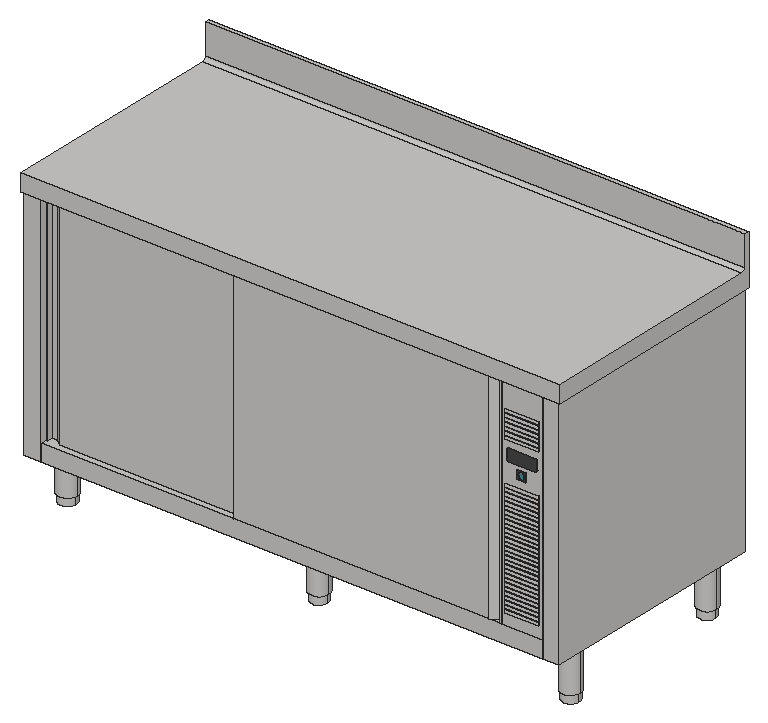
Revit family "QF_ELECTROLUXPROFESSIONAL_132793_MTC1610PN", category Attrezzature speciali, Revit 2020
Family settings
  Quota connettore circolare = Usa diametro
  Tipo di parte = Normale
  Basato su piano di lavoro = No
  Sempre verticale = Sì
  Taglio con vuoti quando caricato = No
  Condiviso = No
  Punto di calcolo locali = No
Parameters (values of type "Standard")
  Weight = 65.00 kg
  Watts = 2400 W
  Volts = 220 V
  URL Manufacturer = "https://www.electroluxprofessional.com/"
  URL = "https://www.electroluxprofessional.com/"
  Steam Supply Size = 0 mm
  Steam Supply Minimum Pressure = 0.0 Pa
  Steam Supply Maximum Pressure = 0.0 Pa
  Steam Consumption per Hour = 0
  Refrigeration Suction Line Size = 0.0 mm
  Refrigeration Liquid Line Size = 0.0 mm
  Refrigerant Compressor Remote = yes
  Prospetto di default = 0.0 mm
  Produttore = "Electrolux Professional"
  Phase = 1
  Modello = "MTC1610PN"
  Length Actual = 1600.0 mm  # constant formula
  Item Number = "132793"
  Hot Water Size = 0 mm
  Height Actual = 1000.0 mm  # constant formula
  HP = "3.2 HP"
  Gas Size = 0 mm
  Gas KW = 0
  Gas Input Pressure = 0 W
  Direct Waste Size = 0 mm
  Descrizione = "HOT CUPB.VENT+UPST+SHELF+SLIDING D. 1600"
  Depth Actual = 700.0 mm  # constant formula
  Cycle = 50 Hz
  Condensate Return Size = 0 mm
  Compressed Air Volume = 0.0 L/s
  Compressed Air Size = 0 mm
  Compressed Air Pressure = 0.0 Pa
  Cold Water Size = 0 mm
  Accessory = yes
Reference planes
  plane 1 "Center (Front/Back)": y = 0
  plane 2: z = 0
  plane 3 "Center (Left/Right)": x = -300
  plane 4 "LEFT": x = -1100
  plane 5 "RIGHT": x = 500
  plane 6 "BACK": y = 350
  plane 7 "FRONT": y = -350
  plane 8 "Base": z = 850
  plane 9 "TOP": z = 900
  plane 10: x = -1046.5
  plane 11: x = 446.5
  plane 12: y = 264.5
  plane 13: y = -241.5
  plane 14 "BodyLeft": x = -1094.5
  plane 15 "BodyFront": y = -344.5
  plane 16 "BodyRight": x = 494.5
  plane 17 "BodyBack": y = 344.5
  plane 18 "FEET": z = 150
  plane 19: x = 324.5
  plane 20: x = -361
  plane 21: x = 444.5
  plane 22 "EIx": x = 400
  plane 23 "EIy": y = -170
Forms (mm)
  Extrusion 1, solid, material "QF_Finishes_Stainless Steel"
    sketch origin (-300, 0, 0) x (0, 1, 0) y (0, 0, 1)
      loop
        line (-350, 850) -> (350, 850) -> (350, 1000) -> (337, 1000) -> (337, 910)
        arc (337, 910) -> (334.071, 902.929) -> (327, 900) r 10
        line (327, 900) -> (-350, 900) -> (-350, 850)
    from 800 to -800
  Extrusion 2, solid, material "QF_Finishes_Stainless Steel"
    sketch origin (0, 0, 150) x (-1, 0, 0) y (0, -1, 0)
      loop
        line (1094.5, -344.5) -> (1094.5, 344.5) -> (1044.5, 344.5) -> (1044.5, -344.5) -> (1094.5, -344.5)
      loop
        line (-444.5, -344.5) -> (-444.5, 344.5) -> (-494.5, 344.5) -> (-494.5, -344.5) -> (-444.5, -344.5)
    from 0 to 700
  Extrusion 3, solid, material "QF_Finishes_Stainless Steel"
    sketch origin (0, 0, 150) x (-1, 0, 0) y (0, -1, 0)
      loop
        line (1044.5, -344.5) -> (1044.5, 344.5) -> (-444.5, 344.5) -> (-444.5, -344.5) -> (1044.5, -344.5)
    from 0 to 50
  Extrusion 4, solid, material "QF_Finishes_Stainless Steel"
    sketch origin (-1, 0, 150) x (-1, 0, 0) y (0, -1, 0)
      loop
        line (-325.5, 344.5) -> (-325.5, 324.5) -> (470.5, 324.5) -> (470.5, 344.5) -> (-285.5, 344.5) -> (-305.5, 329.5) -> (-320.5, 329.5) -> (-320.5, 344.5) -> (-325.5, 344.5)
    from 50 to 700
  Extrusion 5, solid, material "QF_Finishes_Stainless Steel"
    sketch origin (1, 20, 150) x (1, 0, 0) y (0, 1, 0)
      loop
        line (-1045.5, -344.5) -> (-1040.5, -344.5) -> (-1040.5, -329.5) -> (-1025.5, -329.5) -> (-1005.5, -344.5) -> (-251.5, -344.5) -> (-251.5, -324.5) -> (-1045.5, -324.5) -> (-1045.5, -344.5)
    from 50 to 700
  Extrusion 6, solid, material "QF_Finishes_Stainless Steel"
    sketch origin (0, 0, 0) x (1, 0, 0) y (0, 1, 0)
      loop
        line (-1044.5, -304.5) -> (324.5, -304.5) -> (324.5, 324.5) -> (-1044.5, 324.5) -> (-1044.5, -304.5)
    from 500 to 540
  Extrusion 7, solid, material "QF_Finishes_Stainless Steel"
    sketch origin (0, 0, 0) x (1, 0, 0) y (0, 1, 0)
      loop
        line (444.5, 344.5) -> (-1044.5, 344.5) -> (-1044.5, 324.5) -> (444.5, 324.5) -> (444.5, 344.5)
    from 200 to 850
  Extrusion 8, solid, material "QF_Finishes_Stainless Steel"
    sketch origin (0, 0, 150) x (-1, 0, 0) y (0, -1, 0)
      loop
        circle (-400, 170) r 10
    from 0 to -5
Cuts and joins
  joined: Extrusion 3, Extrusion 7
Lines and regions (mm)
  symbolic lines
    curve 1: line (500, 350, 900) -> (-1100, 350, 900)
    curve 2: line (-1100, 350, 900) -> (-1100, -350, 900)
    curve 3: line (-1100, -350, 900) -> (500, -350, 900)
    curve 4: line (500, -350, 900) -> (500, 350, 900)
    curve 15: line (500, 337, 900) -> (-1100, 337, 900)
  symbolic lines, style "SpecialityEquipmentHiddenLines"
    curve 5: line (-1094.5, 344.5, 150) -> (494.5, 344.5, 150)
    curve 6: line (-1094.5, -344.5, 150) -> (-1094.5, 344.5, 150)
    curve 7: line (494.5, -344.5, 150) -> (-1094.5, -344.5, 150)
    curve 8: line (494.5, 344.5, 150) -> (494.5, -344.5, 150)
    curve 9: line (-1045.5, -304.5, 150) -> (-249.5, -304.5, 150)
    curve 10: line (-249.5, -304.5, 150) -> (-249.5, -324.5, 150)
    curve 11: line (-1045.5, -324.5, 150) -> (324.5, -324.5, 150)
    curve 12: line (324.5, -324.5, 150) -> (324.5, -344.5, 150)
    curve 13: line (-1045.5, -304.5, 150) -> (-1045.5, -324.5, 150)
    curve 14: line (-471.5, -344.5, 0) -> (-471.5, -324.5, 0)
Dimensions and locks
  plane 4 "LEFT" to plane 5 "RIGHT" = 1600.0 mm
  equal spacing: plane 4 "LEFT", plane 3 "Center (Left/Right)", plane 5 "RIGHT"
  locked: plane 8 "Base" to level at 850
  plane 6 "BACK" to plane 7 "FRONT" = 700.0 mm
  equal spacing: plane 6 "BACK", plane 1 "Center (Front/Back)", plane 7 "FRONT"
  locked: plane 4 "LEFT" to plane 14 "BodyLeft" at 5.5
  locked: plane 16 "BodyRight" to plane 5 "RIGHT" at 5.5
  locked: plane 15 "BodyFront" to plane 7 "FRONT" at 5.5
  locked: plane 6 "BACK" to plane 17 "BodyBack" at 5.5
  locked: plane 14 "BodyLeft" to plane 10 at 48
  locked: plane 11 to plane 16 "BodyRight" at 48
  locked: plane 13 to plane 15 "BodyFront" at 103
  locked: plane 17 "BodyBack" to plane 12 at 80
  plane 10 to plane 11 = 1493.0 mm
  plane 12 to plane 13 = 506.0 mm
  locked: plane 14 "BodyLeft" to Extrusion 2 sketch curve at 50
  locked: Extrusion 2 sketch curve to Extrusion 2 sketch curve at 50
  equal spacing: plane 10, plane 20, plane 19
  locked: plane 21 to plane 16 "BodyRight" at 50
  locked: plane 19 to plane 21 at 120
  locked: Extrusion 4 sketch curve to plane 20 at 110.5
  locked: plane 20 to Extrusion 5 sketch curve at 110.5
  locked: plane 18 "FEET" to level at 150
  locked: plane 22 "EIx" to plane 5 "RIGHT" at 100
  plane 23 "EIy" to plane 7 "FRONT" = 180.0 mm
  locked: Extrusion 1 to level at 1000
  plane 9 "TOP" to level = 900.0 mm
  aligned and locked: level to plane 2
  aligned and locked: plane 10 to nested 1
  aligned and locked: nested 1 to plane 13
  aligned and locked: plane 11 to nested 2
  aligned and locked: nested 2 to plane 13
  aligned and locked: plane 11 to nested 4
  aligned and locked: nested 4 to plane 12
  aligned and locked: plane 10 to nested 3
  aligned and locked: nested 3 to plane 12
  aligned and locked: Extrusion 1 to plane 4 "LEFT"
  aligned and locked: plane 5 "RIGHT" to Extrusion 1
  aligned and locked: curve 2 to plane 4 "LEFT"
  aligned and locked: plane 17 "BodyBack" to Extrusion 2 sketch curve
  aligned and locked: Extrusion 2 sketch curve to plane 15 "BodyFront"
  aligned and locked: Extrusion 2 sketch curve to plane 14 "BodyLeft"
  aligned and locked: plane 16 "BodyRight" to Extrusion 2 sketch curve
  aligned and locked: Extrusion 2 sketch curve to plane 17 "BodyBack"
  aligned and locked: plane 15 "BodyFront" to Extrusion 2 sketch curve
  aligned and locked: Extrusion 3 sketch curve to plane 17 "BodyBack"
  aligned and locked: plane 15 "BodyFront" to Extrusion 3 sketch curve
  aligned and locked: plane 8 "Base" to Extrusion 2
  aligned and locked: plane 8 "Base" to Extrusion 4
  aligned and locked: Extrusion 4 to Extrusion 3
  aligned and locked: Extrusion 1 to plane 8 "Base"
  aligned and locked: plane 9 "TOP" to Extrusion 1
  aligned and locked: curve 5 to plane 17 "BodyBack"
  aligned and locked: plane 14 "BodyLeft" to curve 6
  aligned and locked: plane 15 "BodyFront" to curve 7
  aligned and locked: plane 16 "BodyRight" to curve 8
  aligned and locked: Extrusion 3 to Extrusion 2  (x2)
  aligned and locked: Extrusion 6 sketch curve to Extrusion 2
  aligned and locked: Extrusion 6 sketch curve to Extrusion 5
  aligned and locked: nested 5 to plane 21
  aligned and locked: Extrusion 7 sketch curve to Extrusion 2
  aligned and locked: Extrusion 6 sketch curve to plane 19
  aligned and locked: plane 3 "Center (Left/Right)" to nested 6
  aligned and locked: plane 3 "Center (Left/Right)" to nested 7
Automatic sketch dimensions
  Extrusion 8 sketch curve to plane 22 "EIx" = 0.0 mm
  Extrusion 8 sketch curve to plane 23 "EIy" = 0.0 mm
  curve 14 to plane 15 "BodyFront" = 0.0 mm
  plane 15 "BodyFront" to curve 14 = 20.0 mm
  curve 14 to plane 20 = 110.5 mm
  curve 3 to plane 7 "FRONT" = 0.0 mm
  curve 15 to plane 5 "RIGHT" = 0.0 mm
  curve 4 to plane 6 "BACK" = 0.0 mm
  curve 15 to plane 17 "BodyBack" = 7.5 mm
  Extrusion 1 sketch curve to plane 7 "FRONT" = 0.0 mm
  Extrusion 1 sketch curve to plane 9 "TOP" = 0.0 mm
  Extrusion 1 sketch curve to plane 6 "BACK" = 0.0 mm
  Extrusion 1 sketch curve to plane 8 "Base" = 0.0 mm
  Extrusion 1 sketch curve to plane 17 "BodyBack" = 17.5 mm
  Extrusion 1 sketch curve to plane 17 "BodyBack" = 7.5 mm
  Extrusion 1 sketch curve to Extrusion 1 sketch curve = 90.0 mm
  Extrusion 3 sketch curve to plane 21 = 0.0 mm
  plane 10 to Extrusion 3 sketch curve = 2.0 mm
  Extrusion 4 sketch curve to plane 19 = 0.0 mm
  Extrusion 4 sketch curve to plane 15 "BodyFront" = 0.0 mm  (x2)
  Extrusion 4 sketch curve to Extrusion 4 sketch curve = 5.0 mm
  Extrusion 4 sketch curve to Extrusion 4 sketch curve = 15.0 mm  (x2)
  Extrusion 4 sketch curve to Extrusion 4 sketch curve = 20.0 mm
  plane 15 "BodyFront" to Extrusion 4 sketch curve = 20.0 mm
  Extrusion 5 sketch curve to plane 15 "BodyFront" = 20.0 mm  (x2)
  Extrusion 5 sketch curve to plane 10 = 42.0 mm
  Extrusion 5 sketch curve to plane 10 = 22.0 mm
  Extrusion 5 sketch curve to plane 10 = 7.0 mm
  Extrusion 5 sketch curve to plane 10 = 2.0 mm
  Extrusion 5 sketch curve to Extrusion 5 sketch curve = 15.0 mm
  Extrusion 5 sketch curve to Extrusion 5 sketch curve = 20.0 mm
  Extrusion 6 sketch curve to plane 17 "BodyBack" = 20.0 mm
  Extrusion 7 sketch curve to plane 21 = 0.0 mm
  Extrusion 7 sketch curve to plane 17 "BodyBack" = 0.0 mm
  Extrusion 7 sketch curve to Extrusion 7 sketch curve = 20.0 mm
  curve 11 to plane 19 = 0.0 mm
  curve 7 to plane 15 "BodyFront" = 0.0 mm
  plane 3 "Center (Left/Right)" to curve 10 = 50.5 mm
  plane 10 to curve 13 = 1.0 mm
  plane 15 "BodyFront" to curve 9 = 40.0 mm
  plane 15 "BodyFront" to curve 13 = 20.0 mm
  radius of Extrusion 8 sketch curve = 10.0 mm
Nested families
  nested 1: "FEET_D58-150" at (-1046.5, -241.5, 0), type "FEET_D58-150"
  nested 2: "FEET_D58-150" at (446.5, -241.5, 0), type "FEET_D58-150"
  nested 3: "FEET_D58-150" at (-1046.5, 264.5, 0), type "FEET_D58-150"
  nested 4: "FEET_D58-150" at (446.5, 264.5, 0), type "FEET_D58-150"
  nested 5: "WT_PNL120x650" at (531.42, -304.5, 600) x (1, 0, 0) z (0, -1, 0), type "WT_PNL120x650"
    with Show Logo yes
  nested 6: "FEET_D58-150" at (-300, -241.5, 0), type "FEET_D58-150"
  nested 7: "FEET_D58-150" at (-300, 264.5, 0), type "FEET_D58-150"
Connectors
  electrical at (400, -170, 145)
    settings: on Extrusion 8, index 1, voltage 0 V, apparent load 0 VA, apparent load phase1 0 VA, apparent load phase2 0 VA, apparent load phase3 0 VA, power factor 1, load classification "Other", number of poles 1, system type 30, power factor state 1, is connector primary yes, connector utility no, sub classification motor no, connector description "Electrical connection"
Definition of nested family "FEET_D58-150"
  Parameters
    Default Elevation = 0.0 mm
    FEET = 150.0 mm
  Reference planes
    plane 1 "Center (Front/Back)": y = 0
    plane 2: z = 0
    plane 3 "Center (Left/Right)": x = 0
    plane 4: z = 150
  Forms (mm)
    Extrusion 1, solid
      sketch origin (0, 0, 0) x (1, 0, 0) y (0, 1, 0)
        loop
          circle (0, 0) r 25
      from 0 to 25
    Extrusion 2, solid
      sketch origin (0, 0, 0) x (1, 0, 0) y (0, 1, 0)
        loop
          circle (0.061, 0) r 29
      from 25 to 150 <- "FEET"
  Lines and regions (mm)
    symbolic lines
      curve 1: line (0, -1.503, 0) -> (0, 1.508, 0)
      curve 2: line (1.561, 0, 0) -> (-1.439, 0, 0)
  Dimensions and locks
    "FEET": plane 4 to plane 2
    aligned and locked: level to plane 2
  Automatic sketch dimensions
    plane 1 "Center (Front/Back)" to Extrusion 1 sketch curve = 0.0 mm
    Extrusion 1 sketch curve to plane 3 "Center (Left/Right)" = 0.0 mm
    plane 1 "Center (Front/Back)" to curve 2 = 0.0 mm
    curve 1 to plane 3 "Center (Left/Right)" = 0.0 mm
    curve 2 to plane 3 "Center (Left/Right)" = 1.439 mm
    plane 3 "Center (Left/Right)" to curve 2 = 1.561 mm
    plane 1 "Center (Front/Back)" to curve 1 = 1.503 mm
    curve 1 to plane 1 "Center (Front/Back)" = 1.508 mm
    plane 1 "Center (Front/Back)" to Extrusion 2 sketch curve = 0.0 mm
    plane 3 "Center (Left/Right)" to Extrusion 2 sketch curve = 0.061 mm
    radius of Extrusion 1 sketch curve = 25.0 mm
    radius of Extrusion 2 sketch curve = 29.0 mm
Definition of nested family "WT_PNL120x650"
  Parameters
    Show Logo [instance] = yes
    Default Elevation = 1219.2 mm
  Reference planes
    plane 1 "Center (Front/Back)": y = -75
    plane 2: z = 0
    plane 3 "Center (Left/Right)": x = -146.92
    plane 4: x = -206.92
    plane 5: x = -86.92
    plane 6: y = 250
    plane 7: y = -400
    plane 8 "TOP": z = 40
  Forms (mm)
    Extrusion 1, solid
      sketch origin (0, 0, 0) x (1, 0, 0) y (0, 1, 0)
        loop
          line (-1219.2, 1219.2) -> (-1219.2, -1219.2) -> (1219.2, -1219.2) -> (1219.2, 1219.2) -> (-1219.2, 1219.2)
      from 0 to -304.8
    Extrusion 2, solid
      sketch origin (0, 0, 0) x (1, 0, 0) y (0, 1, 0)
        loop
          line (-206.92, 250) -> (-206.92, -400) -> (-86.92, -400) -> (-86.92, 250) -> (-206.92, 250)
      from 0 to 40
    Extrusion 3, void
      sketch origin (0, 0, 40) x (-1, 0, 0) y (0, -1, 0)
        loop
          arc (101.92, -68.899) -> (103.795, -73.256) -> (108.247, -74.89) r 6
          line (108.247, -74.89) -> (185.92, -74.89)
          arc (185.92, -74.89) -> (190.163, -73.133) -> (191.92, -68.89) r 6
          line (191.92, -68.89) -> (191.92, -45.89)
          arc (191.92, -45.89) -> (190.163, -41.648) -> (185.92, -39.89) r 6
          line (185.92, -39.89) -> (107.92, -39.89)
          arc (107.92, -39.89) -> (103.677, -41.648) -> (101.92, -45.89) r 6
          line (101.92, -45.89) -> (101.92, -68.899)
        loop
          line (158.92, -27.89) -> (158.92, -2.89) -> (134.92, -2.89) -> (134.92, -27.89) -> (158.92, -27.89)
      from -2 to 0
    Extrusion 4, solid
      sketch origin (0, 0, 40) x (-1, 0, 0) y (0, -1, 0)
        loop
          line (185.92, -39.89) -> (107.92, -39.89)
          arc (107.92, -39.89) -> (103.677, -41.648) -> (101.92, -45.89) r 6
          line (101.92, -45.89) -> (101.92, -68.899)
          arc (101.92, -68.899) -> (103.795, -73.256) -> (108.247, -74.89) r 6
          line (108.247, -74.89) -> (185.92, -74.89)
          arc (185.92, -74.89) -> (190.163, -73.133) -> (191.92, -68.89) r 6
          line (191.92, -68.89) -> (191.92, -45.89)
          arc (191.92, -45.89) -> (190.163, -41.648) -> (185.92, -39.89) r 6
      from -2 to 1
    Extrusion 5, solid
      sketch origin (-146.92, 0, 0) x (0, 1, 0) y (0, 0, 1)
        loop
          line (95.896, 40) -> (104.899, 40) -> (95.896, 41.206) -> (95.896, 40)
        loop
          line (107.896, 40) -> (116.899, 40) -> (107.896, 41.206) -> (107.896, 40)
        loop
          line (119.896, 40) -> (128.899, 40) -> (119.896, 41.206) -> (119.896, 40)
        loop
          line (131.896, 40) -> (140.899, 40) -> (131.896, 41.206) -> (131.896, 40)
        loop
          line (143.896, 40) -> (152.899, 40) -> (143.896, 41.206) -> (143.896, 40)
        loop
          line (155.896, 40) -> (164.899, 40) -> (155.896, 41.206) -> (155.896, 40)
        loop
          line (167.896, 40) -> (176.899, 40) -> (167.896, 41.206) -> (167.896, 40)
        loop
          line (-102.104, 40) -> (-93.101, 40) -> (-102.104, 41.206) -> (-102.104, 40)
        loop
          line (-90.104, 40) -> (-81.101, 40) -> (-90.104, 41.206) -> (-90.104, 40)
        loop
          line (-78.104, 40) -> (-69.101, 40) -> (-78.104, 41.206) -> (-78.104, 40)
        loop
          line (-66.104, 40) -> (-57.101, 40) -> (-66.104, 41.206) -> (-66.104, 40)
        loop
          line (-54.104, 40) -> (-45.101, 40) -> (-54.104, 41.206) -> (-54.104, 40)
        loop
          line (-42.104, 40) -> (-33.101, 40) -> (-42.104, 41.206) -> (-42.104, 40)
        loop
          line (-30.104, 40) -> (-21.101, 40) -> (-30.104, 41.206) -> (-30.104, 40)
        loop
          line (-174.104, 40) -> (-165.101, 40) -> (-174.104, 41.206) -> (-174.104, 40)
        loop
          line (-162.104, 40) -> (-153.101, 40) -> (-162.104, 41.206) -> (-162.104, 40)
        loop
          line (-150.104, 40) -> (-141.101, 40) -> (-150.104, 41.206) -> (-150.104, 40)
        loop
          line (-138.104, 40) -> (-129.101, 40) -> (-138.104, 41.206) -> (-138.104, 40)
        loop
          line (-126.104, 40) -> (-117.101, 40) -> (-126.104, 41.206) -> (-126.104, 40)
        loop
          line (-114.104, 40) -> (-105.101, 40) -> (-114.104, 41.206) -> (-114.104, 40)
        loop
          line (-246.104, 40) -> (-237.101, 40) -> (-246.104, 41.206) -> (-246.104, 40)
        loop
          line (-234.104, 40) -> (-225.101, 40) -> (-234.104, 41.206) -> (-234.104, 40)
        loop
          line (-222.104, 40) -> (-213.101, 40) -> (-222.104, 41.206) -> (-222.104, 40)
        loop
          line (-210.104, 40) -> (-201.101, 40) -> (-210.104, 41.206) -> (-210.104, 40)
        loop
          line (-198.104, 40) -> (-189.101, 40) -> (-198.104, 41.206) -> (-198.104, 40)
        loop
          line (-186.104, 40) -> (-177.101, 40) -> (-186.104, 41.206) -> (-186.104, 40)
        loop
          line (-318.104, 40) -> (-309.101, 40) -> (-318.104, 41.206) -> (-318.104, 40)
        loop
          line (-306.104, 40) -> (-297.101, 40) -> (-306.104, 41.206) -> (-306.104, 40)
        loop
          line (-294.104, 40) -> (-285.101, 40) -> (-294.104, 41.206) -> (-294.104, 40)
        loop
          line (-282.104, 40) -> (-273.101, 40) -> (-282.104, 41.206) -> (-282.104, 40)
        loop
          line (-270.104, 40) -> (-261.101, 40) -> (-270.104, 41.206) -> (-270.104, 40)
        loop
          line (-258.104, 40) -> (-249.101, 40) -> (-258.104, 41.206) -> (-258.104, 40)
        loop
          line (-366.104, 40) -> (-357.101, 40) -> (-366.104, 41.206) -> (-366.104, 40)
        loop
          line (-354.104, 40) -> (-345.101, 40) -> (-354.104, 41.206) -> (-354.104, 40)
        loop
          line (-342.104, 40) -> (-333.101, 40) -> (-342.104, 41.206) -> (-342.104, 40)
        loop
          line (-330.104, 40) -> (-321.101, 40) -> (-330.104, 41.206) -> (-330.104, 40)
      from -50 to 50
    Extrusion 6, solid
      sketch origin (0, 0, 40) x (-1, 0, 0) y (0, -1, 0)
        loop
          line (134.92, -27.89) -> (158.92, -27.89) -> (158.92, -2.89) -> (134.92, -2.89) -> (134.92, -27.89)
        loop
          circle (146.92, -15.39) r 9
      from -2 to 3
    Extrusion 7, solid
      sketch origin (0, 0, 40) x (-1, 0, 0) y (0, -1, 0)
        loop
          circle (146.92, -15.39) r 9
      from 0 to 3
  Cuts and joins
    Extrusion 3 cuts Extrusion 2
  Dimensions and locks
    equal spacing: plane 6, plane 1 "Center (Front/Back)", plane 7
    equal spacing: plane 4, plane 3 "Center (Left/Right)", plane 5
    plane 8 "TOP" to level = 40.0 mm
    aligned and locked: plane 2 to Extrusion 1
    aligned and locked: level to Extrusion 1
  Automatic sketch dimensions
    Extrusion 1 sketch curve to Extrusion 1 sketch curve = 2438.4 mm  (x2)
    Extrusion 2 sketch curve to plane 4 = 0.0 mm
    Extrusion 2 sketch curve to plane 5 = 0.0 mm
    Extrusion 2 sketch curve to plane 7 = 0.0 mm
    Extrusion 2 sketch curve to plane 6 = 0.0 mm
    Extrusion 5 sketch curve to plane 8 "TOP" = 0.0 mm  (x36)
    Extrusion 5 sketch curve to Extrusion 5 sketch curve = 9.003 mm  (x35)
    plane 8 "TOP" to Extrusion 5 sketch curve = 1.206 mm  (x22)
    Extrusion 5 sketch curve to Extrusion 5 sketch curve = 2.997 mm  (x33)
    plane 1 "Center (Front/Back)" to Extrusion 5 sketch curve = 6.101 mm
    plane 1 "Center (Front/Back)" to Extrusion 5 sketch curve = 3.104 mm
    Extrusion 5 sketch curve to plane 1 "Center (Front/Back)" = 5.899 mm
    Extrusion 5 sketch curve to Extrusion 5 sketch curve = 116.997 mm
    Extrusion 5 sketch curve to Extrusion 5 sketch curve = 1.206 mm  (x14)
    Extrusion 4 sketch curve to plane 5 = 15.0 mm
    Extrusion 4 sketch curve to Extrusion 4 sketch curve = 6.0 mm  (x3)
    Extrusion 4 sketch curve to Extrusion 4 sketch curve = 0.327 mm
    plane 4 to Extrusion 4 sketch curve = 21.0 mm  (x2)
    Extrusion 4 sketch curve to plane 1 "Center (Front/Back)" = 149.89 mm
    Extrusion 4 sketch curve to Extrusion 4 sketch curve = 23.009 mm
    Extrusion 3 sketch curve to plane 5 = 15.0 mm
    Extrusion 3 sketch curve to Extrusion 3 sketch curve = 6.0 mm  (x3)
    Extrusion 3 sketch curve to Extrusion 3 sketch curve = 0.327 mm
    plane 3 "Center (Left/Right)" to Extrusion 3 sketch curve = 12.0 mm
    Extrusion 3 sketch curve to plane 3 "Center (Left/Right)" = 12.0 mm
    plane 4 to Extrusion 3 sketch curve = 21.0 mm  (x2)
    Extrusion 3 sketch curve to plane 1 "Center (Front/Back)" = 149.89 mm
    Extrusion 3 sketch curve to Extrusion 3 sketch curve = 23.0 mm
    Extrusion 3 sketch curve to Extrusion 3 sketch curve = 12.0 mm
    Extrusion 3 sketch curve to Extrusion 3 sketch curve = 25.0 mm
    Extrusion 6 sketch curve to plane 3 "Center (Left/Right)" = 0.0 mm
    plane 3 "Center (Left/Right)" to Extrusion 6 sketch curve = 12.0 mm
    Extrusion 6 sketch curve to plane 3 "Center (Left/Right)" = 12.0 mm
    Extrusion 6 sketch curve to plane 1 "Center (Front/Back)" = 102.89 mm
    Extrusion 6 sketch curve to Extrusion 6 sketch curve = 12.5 mm  (x2)
    Extrusion 7 sketch curve to plane 3 "Center (Left/Right)" = 0.0 mm
    Extrusion 7 sketch curve to plane 1 "Center (Front/Back)" = 90.39 mm
    radius of Extrusion 6 sketch curve = 9.0 mm
    radius of Extrusion 7 sketch curve = 9.0 mm
